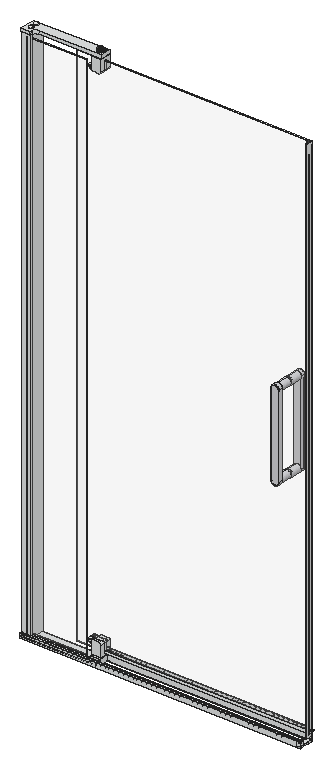
Revit family "Shower-Shower_Door-KOHLER-Revel-K-707510_1", category Specialty Equipment, host Face, Revit 2022
Family settings
  Host = Face
  Round Connector Dimension = Use Diameter
  Part Type = Normal
  OmniClass Number = 23.31.17.17
  OmniClass Title = Shower Enclosures
  Cut with Voids When Loaded = No
  Maintain Annotation Orientation = No
  Shared = No
  Room Calculation Point = No
Parameters (values of type "Clear Glass, SHP-Bright Polished Silver")
  Width [instance] = 8.18898" + Walk Thru + 1.5748"  # 36.01378"
  WaterSense Certified = 1 = 0  # no
  Walk Thru [instance] = 26 1/4"
  URL = "https://www.us.kohler.com/us/"
  Type = 3
  Secondary Finish = Kohler-Glass-L-Crystal_Clear
  Product Page URL = "http://www.us.kohler.com/us/catalog/productDetails.jsp?productId=707510-L"
  Product Name = "Revel"  # constant formula
  Product Documentation Link = "https://www.us.kohler.com/webassets/kpna/catalog/pdf/en/K-707510-L_spec_US-CA_Kohler_en.pdf"
  Model = if(Type = 1, "K-707510-L-ABZ", if(Type = 2, "K-707510-L-BNK", if(Type = 3, "K-707510-L-SHP", if(Type = 4, "K-707510-D3-ABZ", if(Type = 5, "K-707510-D3-BNK", if(Type = 6, "K-707510-D3-SHP", "NA"))))))  # "K-707510-L-SHP"
  Material = "Premium Metal Construction"  # constant formula
  Master Format 2014 Name = "Shower Doors"  # constant formula
  Master Format 2014 = "10 28 19.16"  # constant formula
  Manufacturer Address = "444 Highland Dr, Kohler, WI 53044"  # constant formula
  Manufacturer = "Kohler Co."  # constant formula
  Length = 4 7/64"  # constant formula
  Height = 70"  # constant formula
  Handle Finish = Kohler-Metal-CP-Polished_Chrome
  Finish = Kohler-Metal-SHP-Bright_Polished_Silver
  Environmental Product Declaration = ""
  Description = if(or(Type < 4), "Pivot shower door, 70 inch H x 31-1/8 - 36 inch W, with 1/4 inch thick Crystal Clear glass", "Pivot shower door, 70 inch H x 31-1/8 - 36 inch W, with 1/4 inch thick Frosted glass")  # "Pivot shower door, 70 inch H x 31-1/8 - 36 inch W, with 1/4 inch thick Crystal Clear glass"
  Default Elevation = 4"
  Declare Label = ""
  Date Modified = "06/17/2022"  # constant formula
  Date Created = "06/17/2022"  # constant formula
  Copyright = "Copyright Kohler Co."  # constant formula
  Contact Us = "https://www.us.kohler.com/us/static/contact.jsp"
  Assembly Code = "C1030200"
  ADA Compliant = 1 = 0  # no
Reference planes (in)
  plane 1 "Center (Front/Back)": y = 0
  plane 2: z = 0
  plane 3 "Center (Left/Right)": x = 0
  plane 4: y = 2.10994
  plane 5: y = 0.71149
  plane 6: y = -1.5326
  plane 7: x = -8.29675
  plane 8: y = 0.32149
  plane 9: y = -1.99943
  plane 10: y = -0.55188
  plane 11: z = 70
  plane 12: z = 70.36441
  plane 13: z = 69.11682
  plane 14: z = 68.1005
  plane 15: z = 40.94488
  plane 16: z = 40.45276
  plane 17: z = 29.82283
  plane 18: z = 29.33071
  plane 19: z = 2.1635
  plane 20: z = 0.62992
  plane 21: x = -6.72047
  plane 22: x = 19.52953
  plane 23: x = 19.14921
  plane 24: z = 68.66614
  plane 25: x = 19.03099
  plane 26: x = 16.57624
  plane 27: x = -16.48425
  plane 28: x = -15.84215
Dimensions and locks (in)
  plane 7 to plane 3 "Center (Left/Right)" = 8.29675"
  "Height": plane 11 to level
  "Length": plane 4 to plane 9
  locked: plane 21 to plane 3 "Center (Left/Right)" at 6.72047
  "Walk Thru": plane 21 to plane 22
  locked: plane 25 to plane 22 at 0.49854
  locked: plane 22 to plane 23 at 0.38032
  locked: plane 26 to plane 22 at 2.95329
  plane 15 to plane 18 = 11.61417"
  plane 18 to level = 29.33071"
  locked: plane 27 to plane 7 at 8.1875
  "Width": plane 22 to plane 27
  aligned and locked: plane 2 to host face
  aligned and locked: level to host face
  aligned and locked: plane 3 "Center (Left/Right)" to nested 1
Automatic sketch dimensions
  host sketch curve to host sketch curve = 96"  (x2)
Nested families (in)
  nested 1: "K-707510" at (0, 0, 0), type "K-707510"
Definition of nested family "K-707510"
  Parameters (values of type "K-707510")
    Width = Walk Thru + Distance + 1.5748"  # 36.02362"
    Walk Thru = 26.25984"
    Material = none
    Height = 70"
    Handle Material = none
    Handle Height = 29.33071"
    Glass Material = none
    Distance = 8.18898"
    Default Elevation = 0"
  Reference planes (in)
    plane 1 "Center (Front/Back)": y = 0
    plane 2: z = 0
    plane 3 "Center (Left/Right)": x = 0
    plane 4: x = -16.48425
    plane 5: x = -8.29527
    plane 6: x = 19.53937
    plane 7 "K": x = 16.58608
    plane 8: z = 70
    plane 9: z = 69.64567
    plane 10 "D": z = 68.1005
    plane 11: z = 29.33071
    plane 12: z = 40.94488
    plane 13: y = 2.10994
    plane 14: y = -1.99772
    plane 15: y = 0.71149
    plane 16: y = -1.5326
    plane 17: x = 19.04083
    plane 18: z = 0.62992
    plane 19: z = 69.11682
    plane 20: x = -15.84363
    plane 21 "A": y = -0.55188
    plane 22 "B": y = 0.32149
    plane 23 "C": z = 2.1635
    plane 24: z = 68.91997
    plane 25: z = 68.66614
    plane 26: z = 40.45276
    plane 27: z = 29.82283
    plane 28: z = 70.36441
    plane 29: x = -6.72047
    plane 30: x = -7.40614
  Forms (in)
    Extrusion 1, solid, material <- "Material", detail levels medium+fine
      sketch origin (0, 0, 0) x (0, 1, 0) y (0, 0, 1)
        loop
          line (-0.27623, 0) -> (0.59855, 0)
          arc (0.59855, 0) -> (0.62415, 0.0106) -> (0.63475, 0.0362) r 0.0362
          line (0.63475, 0.0362) -> (0.63475, 0.21702)
          arc (0.63475, 0.21702) -> (0.62509, 0.24034) -> (0.60177, 0.25) r 0.03298
          line (0.60177, 0.25) -> (-1.2883, 0.25)
          arc (-1.2883, 0.25) -> (-1.3314, 0.26785) -> (-1.34925, 0.31095) r 0.06095
          line (-1.34925, 0.31095) -> (-1.34925, 0.48)
          arc (-1.34925, 0.48) -> (-1.40675, 0.5375) -> (-1.46425, 0.48) r 0.0575
          line (-1.46425, 0.48) -> (-1.46425, 0.26417)
          arc (-1.46425, 0.26417) -> (-1.42954, 0.17607) -> (-1.34408, 0.1353) r 0.12919
          line (-1.34408, 0.1353) -> (-0.30312, 0.06251) -> (-0.30312, 0.0269)
          arc (-0.30312, 0.0269) -> (-0.29525, 0.00788) -> (-0.27623, 0) r 0.0269
      from -16.48425 to -8.02475
    Extrusion 2, solid, material <- "Material", detail levels medium+fine
      sketch origin (0, 0, 0) x (0, 1, 0) y (0, 0, 1)
        loop
          line (-1.46425, 0.06988) -> (-0.33625, -0.00012) -> (-0.33625, 0.06) -> (-1.46425, 0.13) -> (-1.46425, 0.565) -> (-1.33425, 0.565) -> (-1.33425, 0.368)
          arc (-1.33425, 0.368) -> (-1.30425, 0.338) -> (-1.27425, 0.368) r 0.03
          line (-1.27425, 0.368) -> (-1.27425, 0.60686)
          arc (-1.27425, 0.60686) -> (-1.281, 0.62317) -> (-1.29731, 0.62992) r 0.02306
          line (-1.29731, 0.62992) -> (-1.50695, 0.62992)
          arc (-1.50695, 0.62992) -> (-1.52509, 0.62241) -> (-1.5326, 0.60427) r 0.02565
          line (-1.5326, 0.60427) -> (-1.5326, 0) -> (-1.48411, 0)
          arc (-1.48411, 0) -> (-1.47007, 0.00582) -> (-1.46425, 0.01986) r 0.01986
          line (-1.46425, 0.01986) -> (-1.46425, 0.06988)
      from -16.48425 to 19.53937
    Extrusion 3, solid, material <- "Material", detail levels medium+fine
      sketch origin (0, 0, 0) x (0, 1, 0) y (0, 0, 1)
        loop
          line (-1.23023, 0.67187) -> (-1.54853, 0.67187)
          arc (-1.54853, 0.67187) -> (-1.56451, 0.66526) -> (-1.57112, 0.64928) r 0.0226
          line (-1.57112, 0.64928) -> (-1.57112, 0.03588)
          arc (-1.57112, 0.03588) -> (-1.55186, 0.01661) -> (-1.5326, 0.03588) r 0.01926
          line (-1.5326, 0.03588) -> (-1.5326, 0.62992) -> (-1.25863, 0.62992) -> (-1.25862, 0.15799)
          arc (-1.25862, 0.15799) -> (-1.25033, 0.13693) -> (-1.22989, 0.12718) r 0.03089
          line (-1.22989, 0.12718) -> (-0.30312, 0.06237) -> (-0.30312, 0.02652)
          arc (-0.30312, 0.02652) -> (-0.29532, 0.00768) -> (-0.27648, -0.00013) r 0.02664
          line (-0.27648, -0.00013) -> (0.27012, -0.00013)
          arc (0.27012, -0.00013) -> (0.29328, 0.00947) -> (0.30288, 0.03263) r 0.03275
          line (0.30288, 0.03263) -> (0.30288, 0.20868)
          arc (0.30288, 0.20868) -> (0.29449, 0.22892) -> (0.27425, 0.23731) r 0.02863
          line (0.27425, 0.23731) -> (-1.17024, 0.23731)
          arc (-1.17024, 0.23731) -> (-1.19827, 0.24892) -> (-1.20987, 0.27694) r 0.03964
          line (-1.20987, 0.27694) -> (-1.20987, 0.65152)
          arc (-1.20987, 0.65152) -> (-1.21584, 0.66591) -> (-1.23023, 0.67187) r 0.02036
      from 19.53937 to 19.04083
    Extrusion 4, solid, material <- "Material", detail levels medium+fine
      sketch origin (0, 0, 0) x (1, 0, 0) y (0, 1, 0)
        loop
          line (-16.48425, -1.27425) -> (-15.36279, -1.27425) -> (-15.36279, -1.0745) -> (-15.92325, -1.0745)
          arc (-15.92325, -1.0745) -> (-15.95325, -0.95875) -> (-15.92325, -0.843) r 0.2383
          line (-15.92325, -0.843) -> (-15.359, -0.843) -> (-15.359, 0.64608) -> (-16.48425, 0.64608) -> (-16.48425, 0.5658) -> (-16.42405, 0.5658) -> (-16.42405, 0.2641) -> (-16.48425, 0.2641) -> (-16.48425, 0.19996) -> (-16.42405, 0.19996) -> (-16.42405, -0.42903) -> (-16.48425, -0.42903) -> (-16.48425, -0.49326) -> (-16.42405, -0.49326) -> (-16.42405, -1.21125) -> (-16.48425, -1.21125) -> (-16.48425, -1.27425)
      from 0.25 to 69.64567
    Extrusion 5, solid, material <- "Glass Material"
      sketch origin (0, 0, 0) x (1, 0, 0) y (0, 1, 0)
        loop
          arc (-15.92325, -0.843) -> (-15.95325, -0.95875) -> (-15.92325, -1.0745) r 0.2383
          line (-15.92325, -1.0745) -> (-8.32527, -1.0745)
          arc (-8.32527, -1.0745) -> (-8.29527, -0.95875) -> (-8.32527, -0.843) r 0.2383
          line (-8.32527, -0.843) -> (-15.92325, -0.843)
      from 0.625 to 69.11682
    Extrusion 6, solid, material <- "Material"
      sketch origin (0, 0, 0) x (1, 0, 0) y (0, 1, 0)
        loop
          line (-16.48425, -1.33251) -> (-15.3867, -1.33251)
          arc (-15.3867, -1.33251) -> (-15.3224, -1.30588) -> (-15.29577, -1.24158) r 0.09093
          line (-15.29577, -1.24158) -> (-15.29577, -1.16731)
          arc (-15.29577, -1.16731) -> (-15.14469, -0.80256) -> (-14.77993, -0.65147) r 0.51584
          line (-14.77993, -0.65147) -> (-6.73991, -0.65147) -> (-6.73991, 0.71149) -> (-16.48425, 0.71149) -> (-16.48425, -1.33251)
      from 69.64567 to 70
    Revolve 7, solid, detail levels medium+fine
      sketch origin (0, -0.55188, 0) x (0, 0, 1) y (-1, 0, 0)
        loop
          line (70, 15.84363) -> (70.17753, 15.84363)
          arc (70.17753, 15.84363) -> (70.13865, 15.98634) -> (70.03277, 16.08963) r 0.2814
          line (70.03277, 16.08963) -> (70, 16.08963) -> (70, 15.84363)
        axis (70, 15.84363) -> (70.17753, 15.84363)
      angle from 0 to 360
    Revolve 8, solid, detail levels medium+fine
      sketch origin (0, 0.32149, 0) x (0, 0, -1) y (-1, 0, 0)
        loop
          line (-70, 15.84363) -> (-70, 16.08963) -> (-70.03277, 16.08963)
          arc (-70.03277, 16.08963) -> (-70.13865, 15.98634) -> (-70.17753, 15.84363) r 0.2814
          line (-70.17753, 15.84363) -> (-70, 15.84363)
        axis (-70.17753, 15.84363) -> (-70, 15.84363)
      angle from 0 to 360
    Extrusion 9, solid, material <- "Material", detail levels medium+fine
      sketch origin (0, 0, 0) x (0, 1, 0) y (0, 0, 1)
        loop
          line (0.63475, 0) -> (0.63475, 0.625) -> (-0.72263, 0.625)
          arc (-0.72263, 0.625) -> (-0.75489, 0.61164) -> (-0.76825, 0.57938) r 0.04562
          line (-0.76825, 0.57938) -> (-0.76825, 0.31091)
          arc (-0.76825, 0.31091) -> (-0.78609, 0.26784) -> (-0.82916, 0.25) r 0.06091
          line (-0.82916, 0.25) -> (-1.10552, 0.25)
          arc (-1.10552, 0.25) -> (-1.13786, 0.26339) -> (-1.15125, 0.29573) r 0.04573
          line (-1.15125, 0.29573) -> (-1.15125, 0.59003)
          arc (-1.15125, 0.59003) -> (-1.16149, 0.61476) -> (-1.18622, 0.625) r 0.03497
          line (-1.18622, 0.625) -> (-1.24534, 0.625)
          arc (-1.24534, 0.625) -> (-1.2672, 0.61595) -> (-1.27625, 0.59409) r 0.03091
          line (-1.27625, 0.59409) -> (-1.27625, 0.312)
          arc (-1.27625, 0.312) -> (-1.31275, 0.2755) -> (-1.34925, 0.312) r 0.0365
          line (-1.34925, 0.312) -> (-1.34925, 0.48)
          arc (-1.34925, 0.48) -> (-1.40675, 0.5375) -> (-1.46425, 0.48) r 0.0575
          line (-1.46425, 0.48) -> (-1.46425, 0.26028)
          arc (-1.46425, 0.26028) -> (-1.43067, 0.17503) -> (-1.34797, 0.13559) r 0.125
          line (-1.34797, 0.13559) -> (-0.30275, 0.0625) -> (-0.30275, 0.03125)
          arc (-0.30275, 0.03125) -> (-0.2936, 0.00915) -> (-0.2715, 0) r 0.03125
          line (-0.2715, 0) -> (0.63475, 0)
      from -6.76525 to -8.02475
    Extrusion 10, solid, material <- "Material"
      sketch origin (0, 0, 0) x (1, 0, 0) y (0, 0, 1)
        loop
          arc (-6.80462, 0.7535) -> (-6.77678, 0.76503) -> (-6.76525, 0.79287) r 0.03937
          line (-6.76525, 0.79287) -> (-6.76525, 2.20243)
          arc (-6.76525, 2.20243) -> (-6.83527, 2.37148) -> (-7.00432, 2.4415) r 0.23907
          line (-7.00432, 2.4415) -> (-7.77509, 2.4415)
          arc (-7.77509, 2.4415) -> (-7.94491, 2.37116) -> (-8.01525, 2.20134) r 0.24016
          line (-8.01525, 2.20134) -> (-8.01525, 0.79202)
          arc (-8.01525, 0.79202) -> (-8.00397, 0.76478) -> (-7.97673, 0.7535) r 0.03852
          line (-7.97673, 0.7535) -> (-6.80462, 0.7535)
      from -0.699 to 0.6555
    Extrusion 11, void
      sketch origin (0, 0, 0) x (0, 1, 0) y (0, 0, 1)
        loop
          line (-0.223, 1.0975) -> (0.277, 1.0975) -> (0.277, 2.6723) -> (-0.223, 2.6723) -> (-0.223, 1.0975)
      from -8.374 to -5.62598
    Extrusion 12, solid
      sketch origin (0, 0, 0) x (1, 0, 0) y (0, 0, 1)
        loop
          line (-6.78494, 1.0975) -> (-6.78494, 2.20243)
          arc (-6.78494, 2.20243) -> (-6.84919, 2.35756) -> (-7.00432, 2.42181) r 0.21938
          line (-7.00432, 2.42181) -> (-7.77509, 2.42181)
          arc (-7.77509, 2.42181) -> (-7.93099, 2.35724) -> (-7.99556, 2.20134) r 0.22047
          line (-7.99556, 2.20134) -> (-7.99556, 1.0975) -> (-6.78494, 1.0975)
      from -0.277 to 0.223
    Revolve 13, solid, material <- "Material"
      sketch origin (0, 0, 2.1635) x (0, -1, 0) y (1, 0, 0)
        loop
          line (0.3524, -8.32761) -> (-0.39049, -8.32761) -> (-0.39049, -8.59986)
          arc (-0.39049, -8.59986) -> (-0.37874, -8.62823) -> (-0.35037, -8.63998) r 0.04012
          line (-0.35037, -8.63998) -> (-0.17426, -8.63998) -> (-0.17426, -8.59632) -> (-0.13508, -8.59632) -> (-0.13508, -8.48472) -> (0.097, -8.48472) -> (0.097, -8.59632) -> (0.13617, -8.59632) -> (0.13617, -8.63998) -> (0.31228, -8.63998)
          arc (0.31228, -8.63998) -> (0.34065, -8.62823) -> (0.3524, -8.59986) r 0.04012
          line (0.3524, -8.59986) -> (0.3524, -8.32761)
        axis (0.3524, -8.32761) -> (-0.39049, -8.32761)
      angle from 0 to 360
    Extrusion 14, solid
      sketch origin (0, 0, 0) x (1, 0, 0) y (0, 0, 1)
        loop
          circle (-7.07775, 1.5975) r 0.18898
        loop
          line (-7.07775, 1.72346) -> (-7.18683, 1.66048) -> (-7.18683, 1.53452) -> (-7.07775, 1.47154) -> (-6.96867, 1.53452) -> (-6.96867, 1.66048) -> (-7.07775, 1.72346)
        loop
          circle (-7.70273, 1.5975) r 0.18898
        loop
          line (-7.70273, 1.72346) -> (-7.81181, 1.66048) -> (-7.81181, 1.53452) -> (-7.70273, 1.47154) -> (-7.59364, 1.53452) -> (-7.59364, 1.66048) -> (-7.70273, 1.72346)
      from -0.64608 to -0.74844
    Revolve 15, solid, material <- "Material"
      sketch origin (0, 0, 68.1005) x (0, -1, 0) y (1, 0, 0)
        loop
          line (0.34548, -8.29527) -> (-0.39741, -8.29527) -> (-0.39741, -8.56752)
          arc (-0.39741, -8.56752) -> (-0.38566, -8.59589) -> (-0.35729, -8.60764) r 0.04012
          line (-0.35729, -8.60764) -> (-0.18118, -8.60764) -> (-0.18118, -8.56398) -> (-0.14201, -8.56398) -> (-0.14201, -8.45238) -> (0.09007, -8.45238) -> (0.09007, -8.56398) -> (0.12925, -8.56398) -> (0.12925, -8.60764) -> (0.30536, -8.60764)
          arc (0.30536, -8.60764) -> (0.33373, -8.59589) -> (0.34548, -8.56752) r 0.04012
          line (0.34548, -8.56752) -> (0.34548, -8.29527)
        axis (0.34548, -8.29527) -> (-0.39741, -8.29527)
      angle from 0 to 360
    Extrusion 16, solid, material <- "Material"
      sketch origin (0, 0, 0) x (0, 1, 0) y (0, 0, 1)
        loop
          arc (-0.097, 1.35312) -> (-0.11537, 1.37299) -> (-0.13662, 1.35624) r 0.01993
          line (-0.13662, 1.35624) -> (-0.1776, 1.0975) -> (0.20316, 1.0975) -> (0.20316, 1.33432)
          arc (0.20316, 1.33432) -> (0.2165, 1.35338) -> (0.23898, 1.34737) r 0.02029
          arc (0.23898, 1.34737) -> (0.2829, 1.29668) -> (0.32829, 1.24731) r 2.26458
          arc (0.32829, 1.24731) -> (0.34709, 1.18966) -> (0.31434, 1.13863) r 0.07073
          arc (0.31434, 1.13863) -> (0.33971, 1.11534) -> (0.37309, 1.12379) r 0.03623
          arc (0.37309, 1.12379) -> (0.42824, 1.15633) -> (0.49187, 1.16351) r 0.15339
          arc (0.49187, 1.16351) -> (0.52099, 1.19696) -> (0.4952, 1.23303) r 0.03577
          arc (0.4952, 1.23303) -> (0.28695, 1.37387) -> (0.20068, 1.61001) r 0.4083
          arc (0.20068, 1.61001) -> (0.17922, 1.64919) -> (0.135, 1.65554) r 0.04994
          line (0.135, 1.65554) -> (0.135, 1.1775)
          arc (0.135, 1.1775) -> (0.019, 1.1475) -> (-0.097, 1.1775) r 0.23927
          line (-0.097, 1.1775) -> (-0.097, 1.35312)
        loop
          line (0.25206, 1.15842) -> (0.26168, 0.02414)
          arc (0.26168, 0.02414) -> (0.28259, 0.00002) -> (0.30569, 0.02205) r 0.02205
          line (0.30569, 0.02205) -> (0.30569, 1.15843)
          arc (0.30569, 1.15843) -> (0.27885, 1.25716) -> (0.25206, 1.15842) r 0.05301
      from -6.76525 to 19.53937
    Extrusion 17, solid, material <- "Material", detail levels medium+fine
      sketch origin (0, 0.32149, 0) x (0, 0, -1) y (-1, 0, 0)
        loop
          arc (-69.47848, 8.033) -> (-69.50196, 8.02327) -> (-69.51168, 7.99979) r 0.03321
          line (-69.51168, 7.99979) -> (-69.51168, 6.8125)
          arc (-69.51168, 6.8125) -> (-69.50196, 6.78902) -> (-69.47848, 6.77929) r 0.03321
          line (-69.47848, 6.77929) -> (-68.07358, 6.77929)
          arc (-68.07358, 6.77929) -> (-67.8951, 6.85322) -> (-67.82117, 7.03171) r 0.25241
          line (-67.82117, 7.03171) -> (-67.82117, 7.78058)
          arc (-67.82117, 7.78058) -> (-67.8951, 7.95907) -> (-68.07358, 8.033) r 0.25241
          line (-68.07358, 8.033) -> (-69.47848, 8.033)
      from -0.97296 to 0.37751
    Extrusion 18, void
      sketch origin (0, 0, 0) x (0, 1, 0) y (0, 0, 1)
        loop
          line (-0.22762, 67.70203) -> (0.23512, 67.70203) -> (0.23512, 69.21197) -> (-0.22762, 69.21197) -> (-0.22762, 67.70203)
      from -8.32527 to -6.37881
    Revolve 19, solid
      sketch origin (0, 0, 0) x (1, 0, 0) y (0, 0, 1)
        loop
          line (-7.40614, 69.51168) -> (-7.40614, 70.31881) -> (-7.62158, 70.31881) -> (-7.62158, 70.36441) -> (-7.68448, 70.36441)
          arc (-7.68448, 70.36441) -> (-7.7027, 70.3576) -> (-7.71198, 70.3405) r 0.02777
          line (-7.71198, 70.3405) -> (-7.73118, 70.2039) -> (-7.76575, 70.2039) -> (-7.76575, 70.1409) -> (-7.64133, 70.1409) -> (-7.64133, 69.85768) -> (-7.6807, 69.85768) -> (-7.6807, 69.77234) -> (-7.64133, 69.77234) -> (-7.64133, 69.57446) -> (-8.02821, 69.57446) -> (-8.02821, 69.51168) -> (-7.40614, 69.51168)
        axis (-7.40614, 69.51168) -> (-7.40614, 70.36441)
      angle from 0 to 360
    Extrusion 20, solid
      sketch origin (0, 0, 0) x (1, 0, 0) y (0, 0, 1)
        loop
          line (-7.78058, 67.84085) -> (-7.03171, 67.84085)
          arc (-7.03171, 67.84085) -> (-6.86714, 67.90902) -> (-6.79898, 68.07358) r 0.23273
          line (-6.79898, 68.07358) -> (-6.79898, 69.21197) -> (-8.01331, 69.21197) -> (-8.01331, 68.07358)
          arc (-8.01331, 68.07358) -> (-7.94515, 67.90902) -> (-7.78058, 67.84085) r 0.23273
      from -0.23512 to 0.22762
    Extrusion 21, solid, material <- "Material", detail levels medium+fine
      sketch origin (0, 0, 68.1005) x (0, -1, 0) y (1, 0, 0)
        loop
          arc (-0.27234, 19.53937) -> (-0.29391, 19.53044) -> (-0.30284, 19.50887) r 0.0305
          line (-0.30284, 19.50887) -> (-0.30284, 19.00718)
          arc (-0.30284, 19.00718) -> (-0.28534, 18.98968) -> (-0.26784, 19.00718) r 0.0175
          line (-0.26784, 19.00718) -> (-0.26784, 19.05405)
          arc (-0.26784, 19.05405) -> (-0.25392, 19.0238) -> (-0.23531, 18.99618) r 0.20599
          arc (-0.23531, 18.99618) -> (-0.19047, 18.96275) -> (-0.135, 18.95558) r 0.11038
          line (-0.135, 18.95558) -> (-0.135, 19.20592)
          arc (-0.135, 19.20592) -> (-0.217, 19.18166) -> (-0.26784, 19.1129) r 0.13461
          line (-0.26784, 19.1129) -> (-0.26784, 19.47359)
          arc (-0.26784, 19.47359) -> (-0.25853, 19.49605) -> (-0.23607, 19.50536) r 0.03177
          line (-0.23607, 19.50536) -> (0.49695, 19.50536) -> (0.49695, 19.43517) -> (0.11549, 19.18431)
          arc (0.11549, 19.18431) -> (0.1248, 19.15948) -> (0.15131, 19.15905) r 0.02355
          line (0.15131, 19.15905) -> (0.53397, 19.4107) -> (0.53397, 19.53937) -> (-0.27234, 19.53937)
      from -67.47058 to 0.81947
    Extrusion 22, solid, material <- "Glass Material"
      sketch origin (0, 0, 0) x (1, 0, 0) y (0, 1, 0)
        loop
          line (19.30608, 0.135) -> (-10.39375, 0.135)
          arc (-10.39375, 0.135) -> (-10.42375, 0.019) -> (-10.39375, -0.097) r 0.23927
          line (-10.39375, -0.097) -> (19.30608, -0.097)
          arc (19.30608, -0.097) -> (19.33608, 0.019) -> (19.30608, 0.135) r 0.23927
      from 1.0975 to 69.11682
    Extrusion 23, solid
      sketch origin (0, 0, 0) x (1, 0, 0) y (0, 0, 1)
        loop
          circle (-7.09313, 68.67035) r 0.18898
        loop
          line (-7.09313, 68.79631) -> (-7.20221, 68.73333) -> (-7.20221, 68.60737) -> (-7.09313, 68.54439) -> (-6.98404, 68.60737) -> (-6.98404, 68.73333) -> (-7.09313, 68.79631)
        loop
          circle (-7.71992, 68.67035) r 0.18898
        loop
          line (-7.71992, 68.79631) -> (-7.829, 68.73333) -> (-7.829, 68.60737) -> (-7.71992, 68.54439) -> (-7.61083, 68.60737) -> (-7.61083, 68.73333) -> (-7.71992, 68.79631)
      from -0.277 to -0.74844
    Revolve 24, solid, material <- "Handle Material"
      sketch origin (16.58608, 0, 0) x (0, 0, 1) y (0, -1, 0)
        loop
          line (40.45276, -1.59591) -> (40.94488, -1.59591) -> (40.94488, -0.135) -> (40.697, -0.135) -> (40.697, 0.097) -> (40.94488, 0.097) -> (40.94488, 1.47495) -> (40.45276, 1.47495) -> (40.45276, -1.59591)
        axis (40.45276, 1.47495) -> (40.45276, -1.59591)
      angle from 0 to 360
    Revolve 25, solid, material <- "Handle Material"
      sketch origin (16.58608, 0, 0) x (0, 0, 1) y (0, -1, 0)
        loop
          line (29.82283, -1.59591) -> (29.82283, 1.47495) -> (29.33071, 1.47495) -> (29.33071, 0.097) -> (29.57859, 0.097) -> (29.57859, -0.135) -> (29.33071, -0.135) -> (29.33071, -1.59591) -> (29.82283, -1.59591)
        axis (29.82283, -1.59591) -> (29.82283, 1.47495)
      angle from 0 to 360
    Sweep 26, solid, material <- "Handle Material", detail levels medium+fine
      path origin (0, 0, 0) x (1, 0, 0) y (0, 0, 1)
        loop
          arc (17.0782, 40.45276) -> (16.58608, 40.94488) -> (16.09395, 40.45276) r 0.49213
          line (16.09395, 40.45276) -> (16.09395, 29.82283)
          arc (16.09395, 29.82283) -> (16.58608, 29.33071) -> (17.0782, 29.82283) r 0.49213
          line (17.0782, 29.82283) -> (17.0782, 40.45276)
      profile origin (16.58608, 0, 40.94488) x (0, 0, -1) y (0, -1, 0)
        loop
          line (0, 1.47495) -> (0.07036, 1.47495) -> (0.07036, 1.99772) -> (0.03819, 1.99772)
          arc (0.03819, 1.99772) -> (0.01119, 1.98653) -> (0, 1.95953) r 0.03819
          line (0, 1.95953) -> (0, 1.47495)
    Extrusion 27, solid, material <- "Handle Material", detail levels medium+fine
      sketch origin (0, 0, 0) x (1, 0, 0) y (0, 0, 1)
        loop
          arc (16.16431, 29.82283) -> (16.58608, 29.40107) -> (17.00785, 29.82283) r 0.42177
          line (17.00785, 29.82283) -> (17.00785, 40.45276)
          arc (17.00785, 40.45276) -> (16.58608, 40.87452) -> (16.16431, 40.45276) r 0.42177
          line (16.16431, 40.45276) -> (16.16431, 29.82283)
      from 1.47495 to 1.99772
    Sweep 28, solid, material <- "Handle Material", detail levels medium+fine
      path origin (0, 0, 0) x (1, 0, 0) y (0, 0, 1)
        loop
          line (17.0782, 29.82283) -> (17.0782, 40.45276)
          arc (17.0782, 40.45276) -> (16.58608, 40.94488) -> (16.09395, 40.45276) r 0.49213
          line (16.09395, 40.45276) -> (16.09395, 29.82283)
          arc (16.09395, 29.82283) -> (16.58608, 29.33071) -> (17.0782, 29.82283) r 0.49213
      profile origin (16.58608, 0, 29.33071) x (0, 0, -1) y (0, -1, 0)
        loop
          line (-0.08322, -1.59591) -> (-0.08322, -2.10994) -> (-0.03596, -2.10994)
          arc (-0.03596, -2.10994) -> (-0.01053, -2.09941) -> (0, -2.07398) r 0.03596
          line (0, -2.07398) -> (0, -1.59591) -> (-0.08322, -1.59591)
    Extrusion 29, solid, material <- "Handle Material", detail levels medium+fine
      sketch origin (0, 0, 0) x (1, 0, 0) y (0, 0, 1)
        loop
          line (16.17717, 40.45276) -> (16.17717, 29.82283)
          arc (16.17717, 29.82283) -> (16.58608, 29.41393) -> (16.99498, 29.82283) r 0.4089
          line (16.99498, 29.82283) -> (16.99498, 40.45276)
          arc (16.99498, 40.45276) -> (16.58608, 40.86166) -> (16.17717, 40.45276) r 0.4089
      from -2.10994 to -1.59591
    Extrusion 30, solid, material <- "Material"
      sketch origin (0, 0, 0) x (1, 0, 0) y (0, 1, 0)
        loop
          circle (-7.40614, 0) r 0.23622
      from 0.565 to 0.7535
    Extrusion 31, void
      sketch origin (0, 0, 0) x (1, 0, 0) y (0, 1, 0)
        loop
          arc (-6.80404, -0.07487) -> (-6.97385, 0.46372) -> (-7.51243, 0.63353) r 0.6115
          arc (-7.51243, 0.63353) -> (-7.63532, 0.45802) -> (-7.45982, 0.33513) r 0.1515
          arc (-7.45982, 0.33513) -> (-7.18811, 0.24946) -> (-7.10243, -0.02225) r 0.3085
          arc (-7.10243, -0.02225) -> (-6.97954, -0.19776) -> (-6.80404, -0.07487) r 0.1515
      from 70 to 69.64567
    Extrusion 32, solid
      sketch origin (0, 0, 0) x (1, 0, 0) y (0, 1, 0)
        loop
          circle (-7.40625, 0.49132) r 0.07731
        loop
          circle (-7.40625, 0.49132) r 0.097
      from 70 to 69.57446
    Extrusion 33, solid, material <- "Handle Material", detail levels coarse
      sketch origin (0, 0, 0) x (1, 0, 0) y (0, 0, 1)
        loop
          line (16.09395, 40.94488) -> (16.09395, 29.33071) -> (17.0782, 29.33071) -> (17.0782, 40.94488) -> (16.09395, 40.94488)
      from 1.47495 to 1.99772
    Extrusion 34, solid, material <- "Handle Material", detail levels coarse
      sketch origin (0, 0, 0) x (1, 0, 0) y (0, 0, 1)
        loop
          line (16.09395, 40.94488) -> (16.09395, 29.33071) -> (17.0782, 29.33071) -> (17.0782, 40.94488) -> (16.09395, 40.94488)
      from -2.10994 to -1.59591
    Extrusion 35, solid, material <- "Material", detail levels coarse
      sketch origin (0, 0, 0) x (1, 0, 0) y (0, 1, 0)
        loop
          line (-15.359, -0.843) -> (-15.359, 0.64608) -> (-16.48425, 0.64608) -> (-16.48425, -1.27425) -> (-15.36279, -1.27425) -> (-15.36279, -1.0745) -> (-15.92325, -1.0745)
          arc (-15.92325, -1.0745) -> (-15.95325, -0.95875) -> (-15.92325, -0.843) r 0.2383
          line (-15.92325, -0.843) -> (-15.359, -0.843)
      from 0 to 69.64567
    Extrusion 36, solid, material <- "Material", detail levels coarse
      sketch origin (16.58608, 0, 0) x (0, 0, 1) y (0, -1, 0)
        loop
          line (0.25, -0.30288) -> (0.25, 1.27425) -> (0.62992, 1.27425) -> (0.62992, 1.5326) -> (0, 1.5326) -> (0, -0.30288) -> (0.25, -0.30288)
      from -33.07033 to 2.95329
    Extrusion 37, solid, material <- "Material", detail levels coarse
      sketch origin (0, 0, 0) x (1, 0, 0) y (0, 1, 0)
        loop
          line (19.53937, 0.30284) -> (19.00718, 0.30284) -> (19.00718, 0.135) -> (19.30608, 0.135)
          arc (19.30608, 0.135) -> (19.33608, 0.019) -> (19.30608, -0.097) r 0.23927
          line (19.30608, -0.097) -> (19.12333, -0.097) -> (19.4107, -0.53397) -> (19.53937, -0.53397) -> (19.53937, 0.30284)
      from 0 to 68.66614
    Extrusion 38, solid, material <- "Material", detail levels coarse
      sketch origin (0, 0.32149, 0) x (0, 0, -1) y (-1, 0, 0)
        loop
          arc (-69.47848, 8.033) -> (-69.50196, 8.02327) -> (-69.51168, 7.99979) r 0.03321
          line (-69.51168, 7.99979) -> (-69.51168, 6.8125)
          arc (-69.51168, 6.8125) -> (-69.50196, 6.78902) -> (-69.47848, 6.77929) r 0.03321
          line (-69.47848, 6.77929) -> (-67.82117, 6.77929) -> (-67.82117, 8.033) -> (-69.47848, 8.033)
      from -0.97296 to 0.37751
  Cuts and joins
    Extrusion 11 cuts Extrusion 10
    Extrusion 18 cuts Extrusion 17
    joined: Sweep 28, Extrusion 29
    joined: Sweep 26, Extrusion 27
    Extrusion 31 cuts Extrusion 6
  Lines and regions (in)
    Masking region 1
      outline origin (0, 0, 0) x (1, 0, 0) y (0, 0, 1)
        loop
          line (-16.48425, 0) -> (19.53937, 0) -> (19.53937, 68.91997) -> (19.33636, 68.91997) -> (19.33636, 69.11682) -> (-6.77929, 69.11682) -> (-6.77929, 69.47848)
          arc (-6.77929, 69.47848) -> (-6.78049, 69.49525) -> (-6.78408, 69.51168) r 0.11765
          line (-6.78408, 69.51168) -> (-6.78408, 69.57446) -> (-7.17096, 69.57446) -> (-7.17096, 69.64567) -> (-6.72047, 69.64567) -> (-6.72047, 70) -> (-7.17096, 70) -> (-7.17096, 70.1409) -> (-7.04654, 70.1409) -> (-7.04654, 70.2039) -> (-7.08111, 70.2039) -> (-7.10073, 70.34349)
          arc (-7.10073, 70.34349) -> (-7.10885, 70.35845) -> (-7.1248, 70.36441) r 0.02431
          line (-7.1248, 70.36441) -> (-7.68749, 70.36441)
          arc (-7.68749, 70.36441) -> (-7.70344, 70.35845) -> (-7.71156, 70.34349) r 0.02431
          line (-7.71156, 70.34349) -> (-7.73118, 70.2039) -> (-7.76575, 70.2039) -> (-7.76575, 70.1409) -> (-7.64133, 70.1409) -> (-7.64133, 70) -> (-15.59763, 70) -> (-15.59763, 70.03277)
          arc (-15.59763, 70.03277) -> (-15.70095, 70.13855) -> (-15.84363, 70.17739) r 0.28153
          arc (-15.84363, 70.17739) -> (-15.98631, 70.13855) -> (-16.08963, 70.03277) r 0.28153
          line (-16.08963, 70.03277) -> (-16.08963, 70) -> (-16.48425, 70) -> (-16.48425, 0)
        loop
          line (-15.36279, 69.64567) -> (-15.36279, 69.11682) -> (-8.033, 69.11682) -> (-8.033, 69.47848)
          arc (-8.033, 69.47848) -> (-8.0318, 69.49525) -> (-8.02821, 69.51168) r 0.11765
          line (-8.02821, 69.51168) -> (-8.02821, 69.57446) -> (-7.64133, 69.57446) -> (-7.64133, 69.64567) -> (-15.36279, 69.64567)
        loop
          line (-8.29527, 1.0975) -> (-8.29527, 0.62992) -> (-7.64237, 0.62992) -> (-7.64237, 0.7535) -> (-7.97673, 0.7535)
          arc (-7.97673, 0.7535) -> (-8.00397, 0.76478) -> (-8.01525, 0.79202) r 0.03852
          line (-8.01525, 0.79202) -> (-8.01525, 1.0975) -> (-8.29527, 1.0975)
        loop
          line (-7.16992, 0.7535) -> (-7.16992, 0.62992) -> (-6.76525, 0.62992) -> (-6.76525, 0.79287)
          arc (-6.76525, 0.79287) -> (-6.77678, 0.76503) -> (-6.80462, 0.7535) r 0.03937
          line (-6.80462, 0.7535) -> (-7.16992, 0.7535)
    Masking region 2
      outline origin (16.58608, 0, 0) x (0, 0, 1) y (0, -1, 0)
        loop
          line (0, -0.63475) -> (0.21702, -0.63475)
          arc (0.21702, -0.63475) -> (0.24034, -0.62509) -> (0.25, -0.60177) r 0.03298
          line (0.25, -0.60177) -> (0.25, -0.64608) -> (0.7535, -0.64608) -> (0.7535, -0.699) -> (1.40852, -0.699) -> (1.40852, -0.74844) -> (1.78648, -0.74844) -> (1.78648, -0.699) -> (2.4415, -0.699) -> (2.4415, -0.64608) -> (29.33071, -0.64608) -> (29.33071, -2.07057)
          arc (29.33071, -2.07057) -> (29.34224, -2.09841) -> (29.37008, -2.10994) r 0.03937
          line (29.37008, -2.10994) -> (40.90716, -2.10994)
          arc (40.90716, -2.10994) -> (40.93383, -2.09889) -> (40.94488, -2.07222) r 0.03773
          line (40.94488, -2.07222) -> (40.94488, -0.64608) -> (67.82117, -0.64608) -> (67.82117, -0.699) -> (68.48137, -0.699) -> (68.48137, -0.74844) -> (68.85933, -0.74844) -> (68.85933, -0.699) -> (69.51168, -0.699) -> (69.51168, -0.64608) -> (69.64567, -0.64608) -> (69.64567, -0.71149) -> (70, -0.71149) -> (70, -0.56685) -> (70.03265, -0.56685)
          arc (70.03265, -0.56685) -> (70.12273, -0.48776) -> (70.17155, -0.37828) r 0.28036
          line (70.17155, -0.37828) -> (70.2039, -0.3596) -> (70.2039, -0.32484) -> (70.33604, -0.30626)
          arc (70.33604, -0.30626) -> (70.35633, -0.29525) -> (70.36441, -0.27363) r 0.03296
          line (70.36441, -0.27363) -> (70.36441, 0.27363)
          arc (70.36441, 0.27363) -> (70.35633, 0.29525) -> (70.33604, 0.30626) r 0.03296
          line (70.33604, 0.30626) -> (70.2039, 0.32484) -> (70.2039, 0.3596) -> (70.1409, 0.3596) -> (70.1409, 0.23689) -> (70, 0.23689) -> (70, 0.30652) -> (70.03265, 0.30652)
          arc (70.03265, 0.30652) -> (70.13849, 0.40945) -> (70.17736, 0.55188) r 0.28036
          arc (70.17736, 0.55188) -> (70.13849, 0.69431) -> (70.03265, 0.79724) r 0.28036
          line (70.03265, 0.79724) -> (70, 0.79724) -> (70, 1.33251) -> (69.64567, 1.33251) -> (69.64567, 1.27425) -> (40.94488, 1.27425) -> (40.94488, 1.95835)
          arc (40.94488, 1.95835) -> (40.93335, 1.98619) -> (40.90551, 1.99772) r 0.03937
          line (40.90551, 1.99772) -> (29.3726, 1.99772)
          arc (29.3726, 1.99772) -> (29.34298, 1.98545) -> (29.33071, 1.95583) r 0.04189
          line (29.33071, 1.95583) -> (29.33071, 1.27425) -> (0.67187, 1.27425) -> (0.67187, 1.54853)
          arc (0.67187, 1.54853) -> (0.66526, 1.56451) -> (0.64928, 1.57112) r 0.0226
          line (0.64928, 1.57112) -> (0.03587, 1.57112)
          arc (0.03587, 1.57112) -> (0.01661, 1.55186) -> (0.03587, 1.5326) r 0.01926
          line (0.03587, 1.5326) -> (0, 1.5326) -> (0, 1.48411)
          arc (0, 1.48411) -> (0.00582, 1.47007) -> (0.01986, 1.46425) r 0.01986
          line (0.01986, 1.46425) -> (0.06988, 1.46425) -> (-0.00012, 0.33625) -> (0.06, 0.33625) -> (0.13, 1.46425) -> (0.26417, 1.46425)
          arc (0.26417, 1.46425) -> (0.17607, 1.42954) -> (0.1353, 1.34408) r 0.12919
          line (0.1353, 1.34408) -> (0.06251, 0.30312) -> (0.0269, 0.30312)
          arc (0.0269, 0.30312) -> (0.00788, 0.29525) -> (0, 0.27623) r 0.0269
          line (0, 0.27623) -> (0, -0.63475)
        loop
          arc (0.48, 1.46425) -> (0.5375, 1.40675) -> (0.48, 1.34925) r 0.0575
          line (0.48, 1.34925) -> (0.312, 1.34925)
          arc (0.312, 1.34925) -> (0.2755, 1.31275) -> (0.312, 1.27625) r 0.0365
          line (0.312, 1.27625) -> (0.35723, 1.27625)
          arc (0.35723, 1.27625) -> (0.3385, 1.30973) -> (0.368, 1.33425) r 0.03
          line (0.368, 1.33425) -> (0.565, 1.33425) -> (0.565, 1.46425) -> (0.48, 1.46425)
        loop
          line (30.31291, 1.47495) -> (30.31291, 1.27425) -> (39.96063, 1.27425) -> (39.96063, 1.47495) -> (30.31291, 1.47495)
        loop
          line (39.96063, -1.59591) -> (39.96063, -0.64608) -> (30.31496, -0.64608) -> (30.31496, -1.59591) -> (39.96063, -1.59591)
    Masking region 3
      outline origin (0, 0, 0) x (1, 0, 0) y (0, 1, 0)
        loop
          line (-16.48425, -1.5326) -> (16.09395, -1.5326) -> (16.09395, -1.94529)
          arc (16.09395, -1.94529) -> (16.10931, -1.98236) -> (16.14638, -1.99772) r 0.05243
          line (16.14638, -1.99772) -> (16.58608, -1.99772) -> (17.02578, -1.99772)
          arc (17.02578, -1.99772) -> (17.06285, -1.98236) -> (17.0782, -1.94529) r 0.05243
          line (17.0782, -1.94529) -> (17.0782, -1.5326) -> (19.04083, -1.5326) -> (19.04083, -1.57112) -> (19.53937, -1.57112) -> (19.53937, 0.52103) -> (17.0782, 0.52103) -> (17.0782, 2.07301)
          arc (17.0782, 2.07301) -> (17.06739, 2.09912) -> (17.04127, 2.10994) r 0.03693
          line (17.04127, 2.10994) -> (16.13088, 2.10994)
          arc (16.13088, 2.10994) -> (16.10477, 2.09912) -> (16.09395, 2.07301) r 0.03693
          line (16.09395, 2.07301) -> (16.09395, 0.52103) -> (-6.72047, 0.52103) -> (-6.72047, 0.71149) -> (-6.88877, 0.71149) -> (-6.88877, 0.74844) -> (-7.2807, 0.74844) -> (-7.2807, 0.71149) -> (-7.51519, 0.71149) -> (-7.51519, 0.74844) -> (-7.90889, 0.74844) -> (-7.90889, 0.71149) -> (-16.48425, 0.71149) -> (-16.48425, -1.5326)
        loop
          line (16.09395, -0.33625) -> (16.09395, -0.1776) -> (-6.72047, -0.1776) -> (-6.72047, -0.33625) -> (16.09395, -0.33625)
        loop
          line (17.0782, -0.33625) -> (19.04083, -0.33625) -> (19.04083, -0.1776) -> (17.0782, -0.1776) -> (17.0782, -0.33625)
    symbolic lines, detail levels medium+fine
      curve 1: line (-16.08963, 0, 70) -> (-15.59763, 0, 70)
      curve 2: line (-16.08963, 0, 70.03277) -> (-15.59763, 0, 70.03277)
      curve 3: line (-16.48425, 0, 69.64567) -> (-15.359, 0, 69.64567)
      curve 4: line (-15.36279, 0, 69.11682) -> (-15.36279, 0, 0.62992)
      curve 5: line (-8.29527, 0, 0.62992) -> (-16.48425, 0, 0.62992)
      curve 6: line (-8.29527, 0, 69.11682) -> (-8.29527, 0, 1.0975)
      curve 7: line (-8.01525, 0, 1.0975) -> (-8.01525, 0, 2.20134)
      curve 8: arc (-7.77509, 0, 2.4415) -> (-7.94491, 0, 2.37116) -> (-8.01525, 0, 2.20134) r 0.24016
      curve 9: line (-7.00432, 0, 2.4415) -> (-7.77509, 0, 2.4415)
      curve 10: arc (-6.76525, 0, 2.20243) -> (-6.83527, 0, 2.37148) -> (-7.00432, 0, 2.4415) r 0.23907
      curve 11: line (-6.76525, 0, 2.20243) -> (-6.76525, 0, 0.79287)
      curve 12: line (-7.64237, 0, 0.7535) -> (-7.16511, 0, 0.7535)
      curve 13: line (-7.64237, 0, 0.62992) -> (-7.16992, 0, 0.62992)
      curve 14: arc (-8.29527, 0, 1.85282) -> (-8.01525, 0, 2.1635) -> (-8.29527, 0, 2.47418) r 0.31236
      curve 15: line (-6.76525, 0, 0.62992) -> (19.04083, 0, 0.62992)
      curve 16: line (19.04083, 0, -0.00013) -> (19.04083, 0, 0.62992)
      curve 17: line (19.04083, 0, 0.67187) -> (19.53937, 0, 0.67187)
      curve 18: line (19.04083, 0, 0.67187) -> (19.04083, 0, 0.49938)
      curve 19: line (-6.76525, 0, 1.33432) -> (19.15905, 0, 1.33432)
      curve 20: line (19.4107, 0, 0.67187) -> (19.4107, 0, 68.91997)
      curve 21: line (19.15905, 0, 68.91997) -> (19.15905, 0, 0.67187)
      curve 22: line (-7.64133, 0, 69.64567) -> (-7.17096, 0, 69.64567)
      curve 23: line (-7.64133, 0, 69.57446) -> (-7.17096, 0, 69.57446)
      curve 24: line (-8.02821, 0, 69.51168) -> (-6.78408, 0, 69.51168)
      curve 25: line (-7.64133, 0, 70) -> (-7.17096, 0, 70)
      curve 26: line (-7.64133, 0, 70.1409) -> (-7.17096, 0, 70.1409)
      curve 27: line (-7.73118, 0, 70.2039) -> (-7.08111, 0, 70.2039)
      curve 28: line (19.33636, 0, 68.91997) -> (19.15905, 0, 68.91997)
      curve 29: line (16.09395, 0, 40.45276) -> (16.09395, 0, 29.82283)
      curve 30: line (17.0782, 0, 29.82283) -> (17.0782, 0, 40.45276)
      curve 31: arc (17.0782, 0, 40.45276) -> (16.58608, 0, 40.94488) -> (16.09395, 0, 40.45276) r 0.49213
      curve 32: arc (17.0782, 0, 29.82283) -> (16.58608, 0, 29.33071) -> (16.09395, 0, 29.82283) r 0.49213
      curve 33: line (-7.78058, 0, 67.82117) -> (-7.03171, 0, 67.82117)
      curve 34: arc (-7.78058, 0, 67.82117) -> (-7.95907, 0, 67.8951) -> (-8.033, 0, 68.07358) r 0.25241
      curve 35: arc (-6.77929, 0, 68.07358) -> (-6.85322, 0, 67.8951) -> (-7.03171, 0, 67.82117) r 0.25241
      curve 36: line (-8.033, 0, 68.07358) -> (-8.033, 0, 69.11682)
      curve 37: line (-6.77929, 0, 68.07358) -> (-6.77929, 0, 69.11682)
      curve 38: arc (-8.033, 0, 68.27015) -> (-8.14598, 0, 68.37488) -> (-8.29527, 0, 68.41286) r 0.31236
      curve 39: arc (-8.29527, 0, 67.78814) -> (-8.12638, 0, 67.83774) -> (-8.01112, 0, 67.97078) r 0.31236
      curve 40: line (16.58608, 0.60177, 0.25) -> (16.58608, -1.27425, 0.25)
      curve 41: line (16.58608, -1.27425, 0.25) -> (16.58608, -1.27425, 0.67187)
      curve 42: arc (16.58608, -1.27425, 0.60686) -> (16.58608, -1.281, 0.62317) -> (16.58608, -1.29731, 0.62992) r 0.02306
      curve 43: line (16.58608, -1.27425, 0.62992) -> (16.58608, -1.5326, 0.62992)
      curve 44: arc (16.58608, -1.50695, 0.62992) -> (16.58608, -1.52509, 0.62241) -> (16.58608, -1.5326, 0.60427) r 0.02565
      curve 45: line (16.58608, -1.5326, 0.62992) -> (16.58608, -1.5326, 0)
      curve 46: line (16.58608, -1.46425, 0.26028) -> (16.58608, -1.46425, 0.48)
      curve 47: line (16.58608, -1.46425, 0.13) -> (16.58608, -1.46425, 0.06988)
      curve 48: line (16.58608, 0.64608, 0.7535) -> (16.58608, 0.64608, 2.4415)
      curve 49: line (16.58608, 0.699, 1.40852) -> (16.58608, 0.699, 1.78648)
      curve 50: line (16.58608, 0.5658, 69.64567) -> (16.58608, 0.5658, 0.25)
      curve 51: line (16.58608, 0.2641, 0.25) -> (16.58608, 0.2641, 69.64567)
      curve 52: line (16.58608, 0.19996, 69.64567) -> (16.58608, 0.19996, 0.25)
      curve 53: line (16.58608, -0.42903, 0.25) -> (16.58608, -0.42903, 69.64567)
      curve 54: line (16.58608, -0.49326, 69.64567) -> (16.58608, -0.49326, 0.25)
      curve 55: line (16.58608, -1.21125, 0.25) -> (16.58608, -1.21125, 69.64567)
      curve 56: line (16.58608, 0.64608, 29.33071) -> (16.58608, 0.64608, 30.31496)
      curve 57: line (16.58608, -1.27425, 29.33071) -> (16.58608, -1.27425, 30.31291)
      curve 58: line (16.58608, 1.59591, 30.31496) -> (16.58608, 1.59591, 29.33071)
      curve 59: line (16.58608, -1.47495, 30.31291) -> (16.58608, -1.47495, 29.33071)
      curve 60: line (16.58608, 0.64608, 39.96063) -> (16.58608, 0.64608, 40.94488)
      curve 61: line (16.58608, 1.59591, 39.96063) -> (16.58608, 1.59591, 40.94488)
      curve 62: line (16.58608, -1.27425, 39.96063) -> (16.58608, -1.27425, 40.94488)
      curve 63: line (16.58608, -1.47495, 39.96063) -> (16.58608, -1.47495, 40.94488)
      curve 64: line (16.58608, 0.64608, 67.82117) -> (16.58608, 0.64608, 69.51168)
      curve 65: line (16.58608, 0.699, 68.48137) -> (16.58608, 0.699, 68.85933)
      curve 66: line (16.58608, 0.64608, 69.64567) -> (16.58608, -1.27425, 69.64567)
      curve 67: line (16.58608, 0.56685, 70) -> (16.58608, -0.23689, 70)
      curve 68: line (16.58608, -0.30652, 70) -> (16.58608, -0.79724, 70)
      curve 69: line (16.58608, -0.30652, 70.03265) -> (16.58608, -0.79724, 70.03265)
      curve 70: line (16.58608, 0.07518, 70) -> (16.58608, 0.07518, 70.03265)
      curve 71: line (16.58608, 0.07518, 70.03265) -> (16.58608, 0.56685, 70.03265)
      curve 72: arc (16.58608, 0.37828, 70.17155) -> (16.58608, 0.20368, 70.1524) -> (16.58608, 0.07518, 70.03265) r 0.2788
      curve 73: line (16.58608, -0.32484, 70.2039) -> (16.58608, 0.32504, 70.2039)
      curve 74: line (16.58608, -0.23519, 70.1409) -> (16.58608, 0.18131, 70.1409)
      curve 75: circle (-15.84363, 0.32149, 0) r 0.246 normal (0, 0, 1)
      curve 76: circle (-15.84363, -0.55188, 0) r 0.246 normal (0, 0, -1)
      curve 77: line (-7.90889, 0.71149, 0) -> (-7.51519, 0.71149, 0)
      curve 78: line (-7.2807, 0.71149, 0) -> (-6.88877, 0.71149, 0)
      curve 79: line (-6.72047, -0.1776, 0) -> (-6.72047, 0.52103, 0)
      curve 80: line (-6.72047, -0.33625, 0) -> (-6.72047, -0.65147, 0)
      curve 81: line (-6.72047, -0.65147, 0) -> (-14.77993, -0.65147, 0)
      curve 82: arc (-15.29577, -1.16731, 0) -> (-15.14469, -0.80256, 0) -> (-14.77993, -0.65147, 0) r 0.51584
      curve 83: line (-16.48425, -1.33251, 0) -> (-15.3867, -1.33251, 0)
      curve 84: arc (-15.3867, -1.33251, 0) -> (-15.3224, -1.30588, 0) -> (-15.29577, -1.24158, 0) r 0.09093
      curve 85: line (-15.29577, -1.24158, 0) -> (-15.29577, -1.16731, 0)
      curve 86: line (-8.32527, -0.843, 0) -> (-15.18107, -0.843, 0)
      curve 87: line (-15.28735, -1.0745, 0) -> (-8.32527, -1.0745, 0)
      curve 88: arc (-8.32527, -1.0745, 0) -> (-8.29527, -0.95875, 0) -> (-8.32527, -0.843, 0) r 0.2383
      curve 89: line (-6.76525, -0.65147, 0) -> (-6.76525, -1.27425, 0)
      curve 90: line (-8.02475, -1.27425, 0) -> (-8.02475, -0.65147, 0)
      curve 91: line (-15.30184, -1.27425, 0) -> (16.09395, -1.27425, 0)
      curve 92: line (-8.02475, -0.76825, 0) -> (-6.76525, -0.76825, 0)
      curve 93: line (-8.02475, -1.15125, 0) -> (-6.76525, -1.15125, 0)
      curve 94: arc (-7.62158, 0, 0) -> (-7.40614, 0.21543, 0) -> (-7.19071, 0, 0) r 0.21543
      curve 95: arc (-7.19071, 0, 0) -> (-7.40614, -0.21543, 0) -> (-7.62158, 0, 0) r 0.21543
      curve 96: arc (-7.76575, 0, 0) -> (-7.40614, 0.3596, 0) -> (-7.04654, 0, 0) r 0.3596
      curve 97: arc (-7.04654, 0, 0) -> (-7.40614, -0.3596, 0) -> (-7.76575, 0, 0) r 0.3596
      curve 98: circle (-7.40614, 0, 0) r 0.32504 normal (0, 0, 1)
      curve 99: line (-7.43499, 0.1285, 0) -> (-7.43499, 0.02884, 0)
      curve 100: line (-7.43499, 0.1285, 0) -> (-7.3773, 0.1285, 0)
      curve 101: line (-7.43499, -0.1285, 0) -> (-7.3773, -0.1285, 0)
      curve 102: line (-7.3773, 0.1285, 0) -> (-7.3773, 0.02884, 0)
      curve 103: line (-7.27764, 0.02884, 0) -> (-7.3773, 0.02884, 0)
      curve 104: line (-7.27764, 0.02884, 0) -> (-7.27764, -0.02884, 0)
      curve 105: line (-7.53464, 0.02884, 0) -> (-7.53464, -0.02884, 0)
      curve 106: line (-7.27764, -0.02884, 0) -> (-7.3773, -0.02884, 0)
      curve 107: line (-7.43499, -0.02884, 0) -> (-7.43499, -0.1285, 0)
      curve 108: line (-7.43499, 0.02884, 0) -> (-7.53464, 0.02884, 0)
      curve 109: line (-7.3773, -0.02884, 0) -> (-7.3773, -0.1285, 0)
      curve 110: line (-7.43499, -0.02884, 0) -> (-7.53464, -0.02884, 0)
      curve 111: line (-15.88036, 0.45572, 0) -> (-15.88036, 0.35822, 0)
      curve 112: line (-15.88036, 0.45572, 0) -> (-15.8069, 0.45572, 0)
      curve 113: line (-15.8069, 0.45572, 0) -> (-15.8069, 0.35822, 0)
      curve 114: line (-15.88036, 0.18726, 0) -> (-15.8069, 0.18726, 0)
      curve 115: line (-15.7094, 0.35822, 0) -> (-15.8069, 0.35822, 0)
      curve 116: line (-15.7094, 0.35822, 0) -> (-15.7094, 0.28476, 0)
      curve 117: line (-15.7094, 0.28476, 0) -> (-15.8069, 0.28476, 0)
      curve 118: line (-15.97785, 0.35822, 0) -> (-15.97785, 0.28476, 0)
      curve 119: line (-15.88036, 0.35822, 0) -> (-15.97785, 0.35822, 0)
      curve 120: line (-15.88036, 0.28476, 0) -> (-15.88036, 0.18726, 0)
      curve 121: line (-15.8069, 0.28476, 0) -> (-15.8069, 0.18726, 0)
      curve 122: line (-15.88036, 0.28476, 0) -> (-15.97785, 0.28476, 0)
      curve 123: line (-15.88036, -0.41765, 0) -> (-15.88036, -0.51515, 0)
      curve 124: line (-15.88036, -0.41765, 0) -> (-15.8069, -0.41765, 0)
      curve 125: line (-15.8069, -0.41765, 0) -> (-15.8069, -0.51515, 0)
      curve 126: line (-15.88036, -0.68611, 0) -> (-15.8069, -0.68611, 0)
      curve 127: line (-15.7094, -0.51515, 0) -> (-15.8069, -0.51515, 0)
      curve 128: line (-15.7094, -0.51515, 0) -> (-15.7094, -0.58861, 0)
      curve 129: line (-15.7094, -0.58861, 0) -> (-15.8069, -0.58861, 0)
      curve 130: line (-15.97785, -0.51515, 0) -> (-15.97785, -0.58861, 0)
      curve 131: line (-15.88036, -0.51515, 0) -> (-15.97785, -0.51515, 0)
      curve 132: line (-15.88036, -0.58861, 0) -> (-15.88036, -0.68611, 0)
      curve 133: line (-15.8069, -0.58861, 0) -> (-15.8069, -0.68611, 0)
      curve 134: line (-15.88036, -0.58861, 0) -> (-15.97785, -0.58861, 0)
      curve 135: line (-6.72047, 0.135, 0) -> (19.30608, 0.135, 0)
      curve 136: arc (19.30608, -0.097, 0) -> (19.33608, 0.019, 0) -> (19.30608, 0.135, 0) r 0.23927
      curve 137: line (19.30608, 0.135, 0) -> (19.50536, 0.135, 0)
      curve 138: line (19.30608, -0.097, 0) -> (19.50536, -0.097, 0)
      curve 139: line (-6.72047, -0.097, 0) -> (19.30608, -0.097, 0)
      curve 140: line (-6.72047, 0.20225, 0) -> (16.09395, 0.20225, 0)
      curve 141: line (16.09395, 0.52103, 0) -> (16.09395, 0.135, 0)
      curve 142: line (16.09395, -0.1776, 0) -> (16.09395, -0.097, 0)
      curve 143: line (17.0782, 0.52103, 0) -> (17.0782, 0.135, 0)
      curve 144: line (17.0782, -0.1776, 0) -> (17.0782, -0.097, 0)
      curve 145: line (16.09395, -1.5326, 0) -> (16.09395, -0.33625, 0)
      curve 146: line (17.0782, -1.5326, 0) -> (17.0782, -0.33625, 0)
      curve 147: line (16.09395, -1.47495, 0) -> (17.0782, -1.47495, 0)
      curve 148: line (16.09395, 1.59591, 0) -> (17.0782, 1.59591, 0)
      curve 149: arc (18.99618, 0.23531, 0) -> (18.96275, 0.19047, 0) -> (18.95558, 0.135, 0) r 0.11038
      curve 150: arc (19.05405, 0.26784, 0) -> (19.0238, 0.25392, 0) -> (18.99618, 0.23531, 0) r 0.20599
      curve 151: arc (19.20592, 0.135, 0) -> (19.18166, 0.217, 0) -> (19.1129, 0.26784, 0) r 0.13461
      curve 152: line (19.1129, 0.26784, 0) -> (19.47359, 0.26784, 0)
      curve 153: line (19.50887, 0.30284, 0) -> (19.00718, 0.30284, 0)
      curve 154: line (19.00718, 0.26784, 0) -> (19.05405, 0.26784, 0)
      curve 155: arc (19.00718, 0.30284, 0) -> (18.98968, 0.28534, 0) -> (19.00718, 0.26784, 0) r 0.0175
      curve 156: arc (19.53937, 0.27234, 0) -> (19.53044, 0.29391, 0) -> (19.50887, 0.30284, 0) r 0.0305
      curve 157: arc (19.47359, 0.26784, 0) -> (19.49605, 0.25853, 0) -> (19.50536, 0.23607, 0) r 0.03177
      curve 158: line (19.50536, 0.23607, 0) -> (19.50536, -0.49695, 0)
      curve 159: line (19.50536, -0.49695, 0) -> (19.43517, -0.49695, 0)
      curve 160: line (19.43517, -0.49695, 0) -> (19.18431, -0.11549, 0)
      curve 161: line (19.4107, -0.53397, 0) -> (19.53937, -0.53397, 0)
      curve 162: line (19.15905, -0.15131, 0) -> (19.4107, -0.53397, 0)
      curve 163: arc (19.18431, -0.11549, 0) -> (19.15948, -0.1248, 0) -> (19.15905, -0.15131, 0) r 0.02355
      curve 164: line (17.0782, 0.20136, 0) -> (18.96786, 0.20136, 0)
      curve 165: line (19.19015, 0.20316, 0) -> (19.50536, 0.20316, 0)
      curve 166: line (19.04083, -0.1776, 0) -> (19.17634, -0.1776, 0)
      curve 167: line (19.22516, -0.1776, 0) -> (19.50536, -0.1776, 0)
      curve 168: line (19.05405, 0.26784, 0) -> (19.1129, 0.26784, 0)
      curve 169: line (19.04083, -1.27425, 0) -> (17.0782, -1.27425, 0)
      curve 170: line (19.04083, -1.5326, 0) -> (19.04083, -0.33625, 0)
      curve 171: line (19.04083, -1.20988, 0) -> (19.53937, -1.20988, 0)
      curve 172: arc (-6.80404, -0.07487, 0) -> (-6.97385, 0.46372, 0) -> (-7.51243, 0.63353, 0) r 0.6115
      curve 173: arc (-7.51243, 0.63353, 0) -> (-7.63743, 0.49199, 0) -> (-7.52737, 0.33855, 0) r 0.1515
      curve 174: arc (-7.0746, -0.13925, 0) -> (-6.91817, -0.19594, 0) -> (-6.80404, -0.07487, 0) r 0.1515
      curve 175: arc (-7.30925, 0.49132, 0) -> (-7.40625, 0.58832, 0) -> (-7.50325, 0.49132, 0) r 0.097
      curve 176: arc (-7.48356, 0.49132, 0) -> (-7.40625, 0.56863, 0) -> (-7.32893, 0.49132, 0) r 0.07731
      curve 177: arc (-7.32893, 0.49132, 0) -> (-7.40625, 0.414, 0) -> (-7.48356, 0.49132, 0) r 0.07731
      curve 178: arc (-7.50325, 0.49132, 0) -> (-7.40625, 0.39432, 0) -> (-7.30925, 0.49132, 0) r 0.097
  Dimensions and locks (in)
    "Distance": plane 4 to plane 5
    locked: plane 3 "Center (Left/Right)" to plane 5 at 8.29527
    locked: plane 6 to plane 7 "K" at 2.95329
    "Height": plane 8 to level
    locked: plane 8 to plane 9 at 0.35433
    locked: plane 9 to plane 10 "D" at 1.54517
    "Handle Height": plane 11 to level
    locked: plane 12 to plane 11 at 11.61417
    plane 14 to plane 13 = 4.10766"
    locked: plane 15 to plane 16 at 2.24409
    locked: plane 6 to plane 17 at 0.49854
    plane 18 to level = 0.62992"
    locked: plane 19 to plane 9 at 0.52885
    locked: plane 4 to plane 20 at 0.64062
    locked: Extrusion 6 sketch curve to plane 3 "Center (Left/Right)" at 6.73991
    locked: Extrusion 17 sketch curve to Extrusion 17 sketch curve at 1.69052
    locked: plane 9 to Extrusion 17 sketch curve at 0.13399
    locked: Extrusion 18 sketch curve to Extrusion 18 sketch curve at 1.50994
    locked: Extrusion 18 sketch curve to plane 19 at 0.09514
    locked: plane 8 to plane 24 at 1.08003
    locked: Extrusion 22 sketch curve to plane 6 at 0.20329
    locked: plane 25 to plane 8 at 1.33386
    locked: plane 12 to plane 26 at 0.49213
    locked: plane 27 to plane 11 at 0.49213
    locked: plane 28 to plane 8 at 0.36441
    plane 29 to plane 5 = 1.5748"
    locked: plane 29 to plane 5 at 1.5748
    "Walk Thru": plane 6 to plane 29
    locked: Extrusion 38 sketch curve to Extrusion 38 sketch curve at 1.69052
    aligned and locked: plane 2 to level
    aligned and locked: plane 4 to Extrusion 1
    aligned and locked: plane 4 to Extrusion 2
    aligned and locked: plane 6 to Extrusion 3
    aligned and locked: Extrusion 3 to plane 17
    aligned and locked: plane 6 to Extrusion 2
    aligned and locked: Extrusion 4 sketch curve to plane 4
    aligned and locked: plane 9 to Extrusion 4
    aligned and locked: plane 19 to Extrusion 5
    aligned and locked: Extrusion 6 sketch curve to plane 4
    aligned and locked: plane 8 to Extrusion 6
    aligned and locked: Extrusion 6 to plane 9
    aligned and locked: plane 8 to Revolve 7 sketch curve
    aligned and locked: Revolve 7 sketch curve to plane 20  (x2)
    aligned and locked: Revolve 8 sketch curve to plane 20
    aligned and locked: plane 8 to Revolve 8 sketch curve
    aligned and locked: plane 20 to Revolve 8 sketch curve
    aligned and locked: plane 6 to Extrusion 16
    aligned and locked: cut or joined group of Extrusion 17, Extrusion 18 to Extrusion 20 sketch curve
    aligned and locked: plane 6 to Extrusion 21 sketch curve
    aligned and locked: plane 24 to Extrusion 21
    aligned and locked: plane 19 to Extrusion 22
    aligned and locked: Revolve 24 sketch curve to plane 12
    aligned and locked: Revolve 24 sketch curve to plane 26
    aligned and locked: plane 26 to Revolve 24 sketch curve
    aligned and locked: Revolve 25 sketch curve to plane 11  (x2)
    aligned and locked: Revolve 25 sketch curve to plane 27  (x2)
    aligned and locked: Sweep 26 sketch curve to Revolve 24
    aligned and locked: Sweep 26 sketch curve to Revolve 25
    aligned and locked: Extrusion 27 sketch curve to Sweep 26  (x2)
    aligned and locked: Sweep 28 sketch curve to Revolve 25
    aligned and locked: Sweep 28 sketch curve to Revolve 24
    aligned and locked: Extrusion 29 sketch curve to Sweep 28  (x2)
    aligned and locked: Masking region 1 sketch curve to plane 4
    aligned and locked: Masking region 1 sketch curve to plane 8
    aligned and locked: Extrusion 6 to Masking region 1 sketch curve
    aligned and locked: Extrusion 4 to Masking region 1 sketch curve
    aligned and locked: Masking region 1 sketch curve to plane 19
    aligned and locked: Masking region 1 sketch curve to plane 24
    aligned and locked: Masking region 1 sketch curve to plane 6
    aligned and locked: Extrusion 21 to curve 20
    aligned and locked: curve 31 to Revolve 24
    aligned and locked: curve 32 to Revolve 25
    aligned and locked: plane 11 to Masking region 2 sketch curve
    aligned and locked: plane 8 to Masking region 2 sketch curve
    aligned and locked: plane 28 to Masking region 2 sketch curve
    aligned and locked: Masking region 2 sketch curve to Revolve 19  (x2)
    aligned and locked: plane 9 to Masking region 2 sketch curve
    aligned and locked: Masking region 3 sketch curve to plane 4
    aligned and locked: Masking region 3 sketch curve to plane 6
    aligned and locked: curve 75 to Revolve 8
    aligned and locked: curve 76 to Revolve 7
    aligned and locked: curve 82 to Extrusion 6
    aligned and locked: curve 136 to Extrusion 22
    aligned and locked: Extrusion 6 to Extrusion 31  (x2)
    aligned and locked: Extrusion 32 to Revolve 19
    aligned and locked: cut or joined group of Extrusion 6, Extrusion 31 to Extrusion 32
    aligned and locked: Extrusion 33 sketch curve to curve 29
    aligned and locked: Extrusion 33 sketch curve to curve 30
    aligned and locked: Extrusion 33 sketch curve to plane 12
    aligned and locked: Extrusion 33 sketch curve to plane 11
